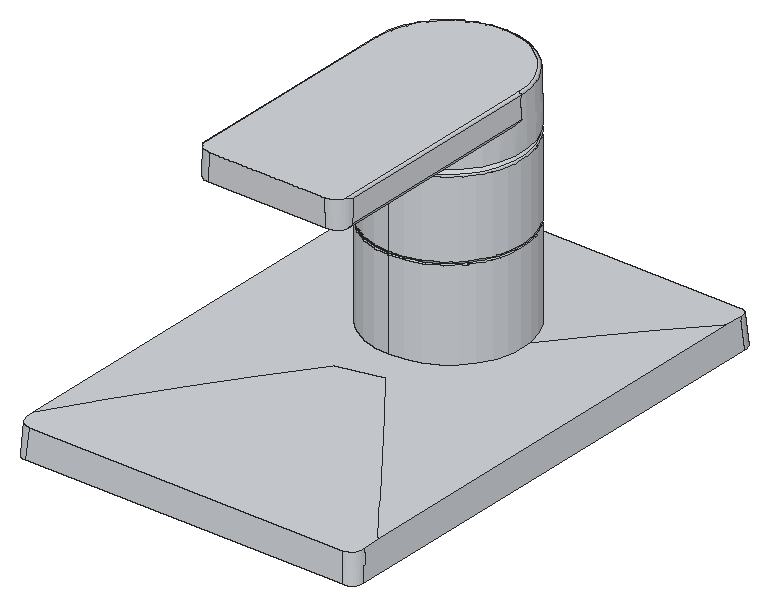
Revit family "Shower-Valve_Trim-KOHLER-COMPOSED-K-73098T_1", category Specialty Equipment, host Face, Revit 2017
Family settings
  Host = Face
  Round Connector Dimension = Use Diameter
  Part Type = Normal
  OmniClass Number = 23.31.25.00
  OmniClass Title = Toilet and Bath Specialties
  Cut with Voids When Loaded = No
  Shared = No
  Room Calculation Point = No
Parameters (values of type "CP-Polished Chrome")
  Width = 4.44882"  # constant formula
  WaterSense Certified = 1 = 0  # no
  URL = "http://www.kohler.com.cn/"
  Type = 1
  Product Page URL = ""
  Product Name = "COMPOSED"  # constant formula
  Product Documentation Link = ""
  Model = if(Type = 1, "K-73098T-4-CP", if(Type = 2, "K-73098T-4-AF", if(Type = 3, "K-73098T-4-TT", "NA")))  # "K-73098T-4-CP"
  Material = "Premium Metal Construction"  # constant formula
  Master Format 2014 Name = "Toilet, Bath, and Laundry Accessories"  # constant formula
  Master Format 2014 = "10 28 00"  # constant formula
  Manufacturer Address = "Kohler Beijing Office (100016) 36-2-03-B, No. 88, Liuxiang Road, Beijing"  # constant formula
  Manufacturer = "KOHLER Co."  # constant formula
  Length = 3.46457"  # constant formula
  Height = 6.53543"  # constant formula
  Handle Clearance = 2.95276"  # constant formula
  Finish = Kohler-Metal-CP-Polished_Chrome
  Environmental Product Declaration = ""
  Description = "Modern Classic Single Control Rece. Shower only Trim"  # constant formula
  Default Elevation = 42"
  Declare Label = ""
  Date Modified = "10/06/2020"  # constant formula
  Date Created = "10/06/2020"  # constant formula
  Copyright = "Copyright KOHLER Co."  # constant formula
  Contact Us = "http://www.kohler.com.cn/contact/contact-us/"
  Assembly Code = "C1030200"
  ADA Compliant = 1 = 0  # no
Types (4): name | Type | Model | Finish
  (no name) | 1 | "K-73098T-4-CP" | Kohler-Metal-CP-Polished_Chrome
  CP-Polished Chrome | 1 | "K-73098T-4-CP" | Kohler-Metal-CP-Polished_Chrome
  AF-French Gold | 2 | "K-73098T-4-AF" | Kohler-Metal-AF-Vibrant_French_Gold
  TT-Titanium Silver | 3 | "K-73098T-4-TT" | Kohler-Metal-TT-Vibrant_Titanium
Reference planes (in)
  plane 1 "Center (Front/Back)": y = 0
  plane 2: z = 0
  plane 3 "Center (Left/Right)": x = 0
  plane 4: z = 3.46457
  plane 5: y = 1.04331
  plane 6: y = -1.90945
  plane 7: y = 2.00787
  plane 8: y = 0.07874
  plane 9: x = 2.22441
  plane 10: x = -2.22441
  plane 11: y = -3.26772
  plane 12: y = 3.26772
  plane 13: z = 0.4764
Dimensions and locks (in)
  "Length": plane 4 to level
  "Handle Clearance": plane 5 to plane 6
  locked: plane 7 to plane 8 at 1.92913
  locked: plane 7 to plane 6 at 3.91732
  "Height": plane 12 to plane 11
  "Width": plane 10 to plane 9
  aligned and locked: plane 2 to host face
  aligned and locked: level to host face
Automatic sketch dimensions
  host sketch curve to host sketch curve = 96"  (x2)
Nested families (in)
  nested 1: "K-73098T" at (0, 0, 0), type "K-73098T"
Definition of nested family "K-73098T"
  Parameters (values of type "K-73098T")
    Material = none
  Reference planes (in)
    plane 1 "Center (Front/Back)": y = 0
    plane 2: z = 0
    plane 3 "Center (Left/Right)": x = 0
    plane 4: y = 3.26772
    plane 5: x = 2.22441
    plane 6: x = -2.22441
    plane 7: y = -3.26772
    plane 8: y = 1.04331
    plane 9: z = 3.46457
    plane 10: y = -1.90945
    plane 11: y = 2.00787
    plane 12: y = 0.07874
    plane 13: z = 0.4013
  Forms (in)
    SweptBlend 1, solid, material <- "Material", detail levels medium+fine
      path origin (0, 0, 0) x (0, 1, 0) y (0, 0, 1)
        loop
          line (0, 0) -> (0, 0.59055)
      profile origin (0, 0, 0) x (0, -1, 0) y (1, 0, 0)
        loop
          arc (-3.26772, -2.06693) -> (-3.22159, -2.17828) -> (-3.11024, -2.22441) r 0.15748
          line (-3.11024, -2.22441) -> (3.11024, -2.22441)
          arc (3.11024, -2.22441) -> (3.22159, -2.17828) -> (3.26772, -2.06693) r 0.15748
          line (3.26772, -2.06693) -> (3.26772, 2.06693)
          arc (3.26772, 2.06693) -> (3.22159, 2.17828) -> (3.11024, 2.22441) r 0.15748
          line (3.11024, 2.22441) -> (-3.11024, 2.22441)
          arc (-3.11024, 2.22441) -> (-3.22159, 2.17828) -> (-3.26772, 2.06693) r 0.15748
          line (-3.26772, 2.06693) -> (-3.26772, -2.06693)
      end profile origin (0, 0, 0.59055) x (0, -1, 0) y (1, 0, 0)
        loop
          arc (-3.216, -2.03421) -> (-3.1706, -2.14381) -> (-3.06101, -2.1892) r 0.15499
          line (-3.06101, -2.1892) -> (3.06101, -2.1892)
          arc (3.06101, -2.1892) -> (3.1706, -2.14381) -> (3.216, -2.03421) r 0.15499
          line (3.216, -2.03421) -> (3.216, 2.03421)
          arc (3.216, 2.03421) -> (3.1706, 2.14381) -> (3.06101, 2.1892) r 0.15499
          line (3.06101, 2.1892) -> (-3.06101, 2.1892)
          arc (-3.06101, 2.1892) -> (-3.1706, 2.14381) -> (-3.216, 2.03421) r 0.15499
          line (-3.216, 2.03421) -> (-3.216, -2.03421)
    Extrusion 2, void
      sketch origin (0, 0, 0) x (1, 0, 0) y (0, 0, 1)
        loop
          line (2.22441, 0.39914) -> (2.22441, 0.61898) -> (-2.22441, 0.61898) -> (-2.22441, 0.39039)
          arc (-2.22441, 0.39039) -> (-0.0002, 0.49755) -> (2.22441, 0.39914) r 24.12135
      from -3.93701 to 3.93701
    Extrusion 3, void
      sketch origin (0, 0, 0) x (0, 1, 0) y (0, 0, 1)
        loop
          arc (-3.26772, 0.37124) -> (0.00003, 0.49777) -> (3.26772, 0.36955) r 41.97743
          line (3.26772, 0.36955) -> (3.26772, 0.56977) -> (-3.26772, 0.56977) -> (-3.26772, 0.37124)
      from -2.66999 to 3.2026
    Revolve 4, solid, material <- "Material", detail levels medium+fine
      sketch origin (0, 0, 0) x (0, 1, 0) y (0, 0, 1)
        loop
          line (1.04331, 3.46457) -> (1.04331, 0.36835) -> (2.00787, 0.36835) -> (2.00787, 1.65354)
          arc (2.00787, 1.65354) -> (2.00211, 1.66746) -> (1.98819, 1.67323) r 0.01969
          arc (1.98819, 1.67323) -> (2.00211, 1.67899) -> (2.00787, 1.69291) r 0.01969
          line (2.00787, 1.69291) -> (2.00787, 2.68503)
          arc (2.00787, 2.68503) -> (2.00231, 2.69953) -> (1.98849, 2.7066) r 0.02169
          line (1.98849, 2.7066) -> (1.92658, 2.77559) -> (2.00787, 2.77559) -> (1.99639, 3.43362)
          arc (1.99639, 3.43362) -> (1.98697, 3.45554) -> (1.9649, 3.46457) r 0.0315
          line (1.9649, 3.46457) -> (1.04331, 3.46457)
        axis (1.04331, 3.46457) -> (1.04331, 0.36835)
      angle from 0 to 360
    Extrusion 5, solid, material <- "Material", detail levels medium+fine
      sketch origin (0, 0, 0) x (1, 0, 0) y (0, 0, 1)
        loop
          line (0.92159, 3.46457) -> (-0.92159, 3.46457)
          arc (-0.92159, 3.46457) -> (-0.94367, 3.45554) -> (-0.95308, 3.43362) r 0.0315
          line (-0.95308, 3.43362) -> (-0.95809, 3.14661)
          arc (-0.95809, 3.14661) -> (-0.94906, 3.12399) -> (-0.9266, 3.11457) r 0.0315
          line (-0.9266, 3.11457) -> (0.9266, 3.11457)
          arc (0.9266, 3.11457) -> (0.94906, 3.12399) -> (0.95809, 3.14661) r 0.0315
          line (0.95809, 3.14661) -> (0.95308, 3.43362)
          arc (0.95308, 3.43362) -> (0.94367, 3.45554) -> (0.92159, 3.46457) r 0.0315
      from -1.04331 to 1.90945
    Sweep 6, void
      path in 3D
        loop
          line (0.96076, -1.90945, 2.99359) -> (0.95046, -1.90945, 3.58405)
      profile origin (0.95561, -1.90945, 3.28882) x (-0.999848, 0, -0.017452) y (0, -1, 0)
        loop
          line (0, 0) -> (0, -0.19685)
          arc (0, -0.19685) -> (0.05766, -0.05766) -> (0.19685, 0) r 0.19685
          line (0.19685, 0) -> (0, 0)
    Sweep 7, void
      path in 3D
        loop
          line (-0.96076, -1.90945, 2.99359) -> (-0.95046, -1.90945, 3.58405)
      profile origin (-0.95561, -1.90945, 3.28882) x (-0.999848, 0, 0.017452) y (0, -1, 0)
        loop
          line (0, 0) -> (-0.19685, 0)
          arc (-0.19685, 0) -> (-0.05766, -0.05766) -> (0, -0.19685) r 0.19685
          line (0, -0.19685) -> (0, 0)
    Extrusion 8, solid, material <- "Material", detail levels coarse
      sketch origin (0, 0, 0) x (1, 0, 0) y (0, 1, 0)
        loop
          line (-2.22441, -3.26772) -> (2.22441, -3.26772) -> (2.22441, 3.26772) -> (-2.22441, 3.26772) -> (-2.22441, -3.26772)
      from 0 to 0.52267
    Revolve 9, solid, material <- "Material", detail levels coarse
      sketch origin (0, 0, 0) x (0, 1, 0) y (0, 0, 1)
        loop
          line (1.04331, 3.46457) -> (1.04331, 0.44921) -> (2.00787, 0.44921) -> (2.00787, 3.46457) -> (1.04331, 3.46457)
        axis (1.04331, 3.46457) -> (1.04331, 0.44921)
      angle from 0 to 360
    Extrusion 10, solid, material <- "Material", detail levels coarse
      sketch origin (0, 0, 0) x (1, 0, 0) y (0, 1, 0)
        loop
          line (-0.95493, 0.90733) -> (-0.95493, -1.90945) -> (0.95493, -1.90945) -> (0.95493, 0.90733) -> (-0.95493, 0.90733)
      from 3.11457 to 3.46457
  Cuts and joins
    Extrusion 2, Extrusion 3 cuts SweptBlend 1
    Sweep 6, Sweep 7 cuts Revolve 4
    Sweep 6, Sweep 7 cuts Extrusion 5
    joined: SweptBlend 1, Revolve 4, Extrusion 5
    joined: Extrusion 8, Revolve 9, Extrusion 10
  Lines and regions (in)
    Masking region 1
      outline origin (0, 0, 0) x (1, 0, 0) y (0, 1, 0)
        loop
          arc (-2.06693, 3.26772) -> (-2.17828, 3.22159) -> (-2.22441, 3.11024) r 0.15748
          line (-2.22441, 3.11024) -> (-2.22441, -3.11024)
          arc (-2.22441, -3.11024) -> (-2.17828, -3.22159) -> (-2.06693, -3.26772) r 0.15748
          line (-2.06693, -3.26772) -> (2.06693, -3.26772)
          arc (2.06693, -3.26772) -> (2.17828, -3.22159) -> (2.22441, -3.11024) r 0.15748
          line (2.22441, -3.11024) -> (2.22441, 3.11024)
          arc (2.22441, 3.11024) -> (2.17828, 3.22159) -> (2.06693, 3.26772) r 0.15748
          line (2.06693, 3.26772) -> (-2.06693, 3.26772)
    Masking region 2
      outline origin (0, 0, 0) x (1, 0, 0) y (0, 0, 1)
        loop
          line (0, 3.46457) -> (-0.93332, 3.46457)
          arc (-0.93332, 3.46457) -> (-0.95541, 3.45541) -> (-0.96457, 3.43332) r 0.03125
          line (-0.96457, 3.43332) -> (-0.96457, 2.77559) -> (-0.88328, 2.77559) -> (-0.94518, 2.7066)
          arc (-0.94518, 2.7066) -> (-0.95901, 2.69953) -> (-0.96457, 2.68503) r 0.02169
          line (-0.96457, 2.68503) -> (-0.96457, 1.69291)
          arc (-0.96457, 1.69291) -> (-0.9588, 1.67899) -> (-0.94488, 1.67323) r 0.01969
          arc (-0.94488, 1.67323) -> (-0.9588, 1.66746) -> (-0.96457, 1.65354) r 0.01969
          line (-0.96457, 1.65354) -> (-0.96457, 0.47637)
          arc (-0.96457, 0.47637) -> (-1.56654, 0.44433) -> (-2.16742, 0.3958) r 21.97337
          arc (-2.16742, 0.3958) -> (-2.19203, 0.38395) -> (-2.20301, 0.35894) r 0.03937
          line (-2.20301, 0.35894) -> (-2.22441, 0) -> (2.22441, 0) -> (2.20301, 0.35894)
          arc (2.20301, 0.35894) -> (2.19203, 0.38395) -> (2.16742, 0.3958) r 0.03937
          arc (2.16742, 0.3958) -> (1.56654, 0.44433) -> (0.96457, 0.47637) r 21.97337
          line (0.96457, 0.47637) -> (0.96457, 1.65354)
          arc (0.96457, 1.65354) -> (0.9588, 1.66746) -> (0.94488, 1.67323) r 0.01969
          arc (0.94488, 1.67323) -> (0.9588, 1.67899) -> (0.96457, 1.69291) r 0.01969
          line (0.96457, 1.69291) -> (0.96457, 2.68503)
          arc (0.96457, 2.68503) -> (0.95901, 2.69953) -> (0.94518, 2.7066) r 0.02169
          line (0.94518, 2.7066) -> (0.88328, 2.77559) -> (0.96457, 2.77559) -> (0.96457, 3.43332)
          arc (0.96457, 3.43332) -> (0.95541, 3.45541) -> (0.93332, 3.46457) r 0.03125
          line (0.93332, 3.46457) -> (0, 3.46457)
    Masking region 3
      outline origin (0, 0, 0) x (0, 1, 0) y (0, 0, 1)
        loop
          line (3.26772, 0) -> (3.23804, 0.33883)
          arc (3.23804, 0.33883) -> (3.22651, 0.36339) -> (3.20183, 0.37465) r 0.03937
          arc (3.20183, 0.37465) -> (2.60512, 0.41618) -> (2.00787, 0.44921) r 41.97743
          line (2.00787, 0.44921) -> (2.00787, 1.65354)
          arc (2.00787, 1.65354) -> (2.00211, 1.66746) -> (1.98819, 1.67323) r 0.01969
          arc (1.98819, 1.67323) -> (2.00211, 1.67899) -> (2.00787, 1.69291) r 0.01969
          line (2.00787, 1.69291) -> (2.00787, 2.68503)
          arc (2.00787, 2.68503) -> (2.00231, 2.69953) -> (1.98849, 2.7066) r 0.02169
          line (1.98849, 2.7066) -> (1.92658, 2.77559) -> (2.00787, 2.77559) -> (2.00787, 3.43333)
          arc (2.00787, 3.43333) -> (1.99872, 3.45542) -> (1.97663, 3.46457) r 0.03124
          line (1.97663, 3.46457) -> (1.04331, 3.46457) -> (0.12172, 3.46457) -> (-1.87795, 3.46457)
          arc (-1.87795, 3.46457) -> (-1.90022, 3.45534) -> (-1.90945, 3.43307) r 0.0315
          line (-1.90945, 3.43307) -> (-1.90945, 3.14606)
          arc (-1.90945, 3.14606) -> (-1.90022, 3.12379) -> (-1.87795, 3.11457) r 0.0315
          line (-1.87795, 3.11457) -> (-0.01892, 3.11457)
          arc (-0.01892, 3.11457) -> (0.05014, 3.08596) -> (0.07874, 3.01691) r 0.09766
          line (0.07874, 3.01691) -> (0.07874, 2.77559) -> (0.16003, 2.77559) -> (0.09813, 2.7066)
          arc (0.09813, 2.7066) -> (0.0843, 2.69953) -> (0.07874, 2.68503) r 0.02169
          line (0.07874, 2.68503) -> (0.07874, 1.69291)
          arc (0.07874, 1.69291) -> (0.08451, 1.67899) -> (0.09843, 1.67323) r 0.01969
          arc (0.09843, 1.67323) -> (0.08451, 1.66746) -> (0.07874, 1.65354) r 0.01969
          line (0.07874, 1.65354) -> (0.07874, 0.49768)
          arc (0.07874, 0.49768) -> (-1.56279, 0.46908) -> (-3.20194, 0.37631) r 41.97743
          arc (-3.20194, 0.37631) -> (-3.2265, 0.3634) -> (-3.23804, 0.33883) r 0.03937
          line (-3.23804, 0.33883) -> (-3.26772, 0) -> (3.26772, 0)
    sketch lines
      curve 1: line (0.96076, -1.90945, 2.99359) -> (0.95046, -1.90945, 3.58405)
      curve 2: line (-0.96076, -1.90945, 2.99359) -> (-0.95046, -1.90945, 3.58405)
    symbolic lines, detail levels medium+fine
      curve 3: line (0, 2.00745, 3.43572) -> (0, -1.90945, 3.43572)
      curve 4: line (0, 1.04324, 3.1469) -> (0, -1.90945, 3.1469)
      curve 5: line (0, -0.0155, 3.11457) -> (0, 0.7975, 3.11457)
      curve 6: arc (0, 0.7975, 3.11457) -> (0, 0.92143, 3.12268) -> (0, 1.04324, 3.1469) r 0.95009
      curve 7: line (0, 1.92658, 2.77559) -> (0, 0.16003, 2.77559)
      curve 8: line (0, 1.98849, 2.7066) -> (0, 0.09813, 2.7066)
      curve 9: line (0, 2.00787, 2.67987) -> (0, 0.07874, 2.67987)
      curve 10: line (0, 1.98819, 1.67323) -> (0, 0.09843, 1.67323)
      curve 11: line (0, -2.91421, 0.39259) -> (0, 2.94416, 0.39259)
      curve 12: arc (0, 2.0079, 0.44921) -> (0, 1.04371, 0.48883) -> (0, 0.07874, 0.49755) r 30.12678
      curve 13: line (0, 2.00787, 1.69291) -> (0, 0.07874, 1.69291)
      curve 14: line (0, 2.00787, 1.65354) -> (0, 0.07874, 1.65354)
      curve 15: line (-2.05051, 3.23513, 0) -> (2.05053, 3.23513, 0)
      curve 16: line (-2.201, -3.09001, 0) -> (-2.201, 3.09149, 0)
      curve 17: spline (-2.201, 3.09149, 0) -> (-2.19843, 3.11026, 0) -> (-2.19357, 3.12858, 0) -> (-2.18652, 3.14618, 0) -> (-2.17738, 3.16279, 0) -> (-2.16627, 3.17816, 0) -> (-2.15337, 3.19207, 0) -> (-2.13887, 3.20432, 0) -> (-2.12298, 3.21471, 0) -> (-2.10594, 3.22309, 0) -> (-2.088, 3.22935, 0) -> (-2.06943, 3.23338, 0) -> (-2.05051, 3.23513, 0)
      curve 18: spline (2.05053, 3.23513, 0) -> (2.06899, 3.23345, 0) -> (2.08712, 3.2296, 0) -> (2.10466, 3.22363, 0) -> (2.12137, 3.21562, 0) -> (2.137, 3.20569, 0) -> (2.15134, 3.19398, 0) -> (2.16419, 3.18066, 0) -> (2.17535, 3.16591, 0) -> (2.18468, 3.14993, 0) -> (2.19205, 3.13297, 0) -> (2.19734, 3.11526, 0) -> (2.20048, 3.09704, 0)
      curve 19: line (2.20048, 3.09704, 0) -> (2.20048, -3.09601, 0)
      curve 20: line (2.0504, -3.23498, 0) -> (-2.05042, -3.23498, 0)
      curve 21: spline (-2.05042, -3.23498, 0) -> (-2.06945, -3.23322, 0) -> (-2.08812, -3.22915, 0) -> (-2.10615, -3.22282, 0) -> (-2.12327, -3.21435, 0) -> (-2.13922, -3.20384, 0) -> (-2.15376, -3.19147, 0) -> (-2.16667, -3.17742, 0) -> (-2.17776, -3.16189, 0) -> (-2.18686, -3.14513, 0) -> (-2.19383, -3.12738, 0) -> (-2.19857, -3.10891, 0) -> (-2.201, -3.09001, 0)
      curve 22: spline (2.20048, -3.09601, 0) -> (2.19743, -3.11432, 0) -> (2.1922, -3.13213, 0) -> (2.18488, -3.1492, 0) -> (2.17558, -3.16527, 0) -> (2.16441, -3.18012, 0) -> (2.15156, -3.19354, 0) -> (2.13719, -3.20533, 0) -> (2.12151, -3.21534, 0) -> (2.10474, -3.2234, 0) -> (2.08714, -3.22942, 0) -> (2.06894, -3.23329, 0) -> (2.0504, -3.23498, 0)
      curve 23: line (-0.96457, 1.04331, 0) -> (-0.96457, -1.7185, 0)
      curve 24: arc (-0.95788, 1.04329, 0) -> (-0.00153, 1.99963, 0) -> (0.95481, 1.04329, 0) r 0.95634
      curve 25: line (-0.95788, 1.04329, 0) -> (-0.95788, -1.72074, 0)
      curve 26: line (0, -1.90945, 0) -> (-0.77362, -1.90945, 0)
      curve 27: arc (-0.96457, -1.7185, 0) -> (-0.90864, -1.85352, 0) -> (-0.77362, -1.90945, 0) r 0.19095
      curve 28: line (0, -1.90551, 0) -> (-0.77311, -1.90551, 0)
      curve 29: arc (-0.77311, -1.90551, 0) -> (-0.90376, -1.85139, 0) -> (-0.95788, -1.72074, 0) r 0.18477
      curve 30: line (0.96457, 1.04331, 0) -> (0.96457, -1.7185, 0)
      curve 31: line (0.95788, 1.04329, 0) -> (0.95788, -1.72074, 0)
      curve 32: arc (0.96457, -1.7185, 0) -> (0.92165, -1.83912, 0) -> (0.8122, -1.90551, 0) r 0.19095
      curve 33: arc (0.77311, -1.90551, 0) -> (0.90376, -1.85139, 0) -> (0.95788, -1.72074, 0) r 0.18477
      curve 34: line (0, -1.90945, 0) -> (0.77362, -1.90945, 0)
      curve 35: line (0, -1.90551, 0) -> (0.8122, -1.90551, 0)
      curve 36: line (0.96444, 0, 3.43362) -> (-0.96457, 0, 3.43362)
      curve 37: line (0.88328, 0, 2.77559) -> (-0.88328, 0, 2.77559)
      curve 38: line (0.94518, 0, 2.7066) -> (-0.94518, 0, 2.7066)
      curve 39: line (0.96459, 0, 2.68658) -> (-0.96274, 0, 2.68658)
      curve 40: line (0.94488, 0, 1.67323) -> (-0.94488, 0, 1.67323)
      curve 41: line (-2.04632, 0, 0.37209) -> (2.04632, 0, 0.37209)
      curve 42: arc (2.04632, 0, 0.37209) -> (2.12411, 0, 0.3744) -> (2.20163, 0, 0.38135) r 1.30722
      curve 43: arc (-2.04632, 0, 0.37209) -> (-2.12411, 0, 0.3744) -> (-2.20163, 0, 0.38135) r 1.30722
      curve 44: line (0.96456, 0, 1.69336) -> (-0.96446, 0, 1.69336)
      curve 45: line (0.96436, 0, 1.65309) -> (-0.96456, 0, 1.65309)
      curve 46: arc (-0.96457, 1.04331, 0) -> (0, 2.00787, 0) -> (0.96457, 1.04331, 0) r 0.96457
      curve 47: line (0.96457, 0, 0.47637) -> (-0.96457, 0, 0.47637)
  Dimensions and locks (in)
    plane 6 to plane 5 = 4.44882"
    plane 4 to plane 7 = 6.53543"
    plane 10 to plane 8 = 2.95276"
    plane 10 to plane 11 = 3.91732"
    plane 9 to level = 3.46457"
    plane 12 to plane 11 = 1.92913"
    locked: plane 11 to plane 10 at 3.91732
    locked: plane 8 to plane 10 at 2.95276
    locked: plane 9 to level at 3.46457
    locked: plane 13 to level at 0.4013
    locked: plane 11 to plane 12 at 1.92913
    curve 5 to curve 5 = 0.813"
    aligned and locked: plane 2 to level
